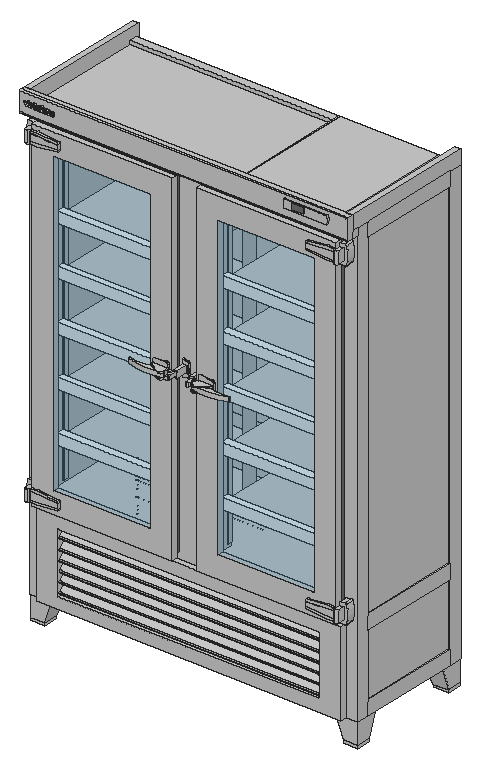
Revit family "QF_INFRICO_EVV49R2G_250807101433", category Specialty Equipment, Revit 2021
Family settings
  Round Connector Dimension = Use Diameter
  Part Type = Normal
  OmniClass Number = 23.40.40.14
  OmniClass Title = Food Service Equipment
  Work Plane-Based = No
  Always vertical = Yes
  Cut with Voids When Loaded = No
  Shared = No
  Room Calculation Point = No
Parameters (values of type "EVV49R2G")
  Weight [instance] = 220.001 kg
  Waste Water Discharge Temperature [instance] = 0 °C
  Waste Remarks [instance] = ""
  Warranty Start Date [instance] = ""
  Warranty Duration [instance] = ""
  Volts [instance] = 230 V
  Volt Free Conn [instance] = no
  URL Recommended Spares List [instance] = ""
  URL Manufacturer [instance] = ""
  URL Cutsheet [instance] = ""
  URL Critical Spares List [instance] = ""
  URL = "www.infrico.com"
  Technical Documentation [instance] = ""
  Tag Number [instance] = ""
  Status [instance] = ""
  Start Up Current [instance] = 0 A
  Specification by User [instance] = ""
  Specification by Manufacturer [instance] = ""
  Sound Level [instance] = ""
  Show Logo [instance] = yes
  Show Clearances [instance] = yes
  Service Life Duration [instance] = ""
  Serial Number [instance] = ""
  Seismic Rating [instance] = ""
  SMACNA No [instance] = ""
  Revision Code [instance] = ""
  Revision [instance] = ""
  Production Year [instance] = ""
  Potential Equalisation [instance] = no
  Point Load [instance] = 0
  Plumbing Connection Type [instance] = ""
  Phase [instance] = 1
  Other Equipment Approvals [instance] = ""
  Operational Current [instance] = 0 A
  Number of Poles [instance] = 2
  No Load Power Draw [instance] = no
  NAFEM Spec ID Number [instance] = ""
  Model Warning [instance] = ""
  Model = "EVV49R2G"
  Min Ckt Ampacity [instance] = 0 A
  Max Overcurrent Protection [instance] = 0 A
  Masterspec [instance] = ""
  Manufacturer = "INFRICO"
  Main switch integrated [instance] = no
  Length Actual [instance] = 1385.062 mm
  Item Number [instance] = ""
  Installed By [instance] = ""
  Installation Date [instance] = ""
  Indirect Waste Size [instance] = 19.05 mm
  Indirect Waste Remarks [instance] = ""
  Indirect Waste Flow [instance] = 0.0 L/s
  Indirect Waste Connection Type [instance] = ""
  Indirect Waste Connection Height [instance] = 0 mm
  Identify Quantity as Lot [instance] = no
  ID [instance] = ""
  Hygiene Approval [instance] = ""
  Height Actual [instance] = 2032 mm
  HP power [instance] = ""
  Furnished By [instance] = ""
  Foodservice Equipment Identifier [instance] = no
  FL Amps [instance] = 0 A
  Electrical Remarks [instance] = ""
  Electric power [instance] = 480 W
  Electric Connection Type [instance] = ""
  Elec Conn RI Height [instance] = 0 mm
  Elec Conn Connection Height [instance] = 0 mm
  ETL Approved [instance] = no
  Direct Waste Water Discharge Temperature [instance] = -273.15 °C
  Direct Waste Size [instance] = 19.05 mm
  Direct Waste RI Height [instance] = 0 mm
  Direct Waste Flow [instance] = 0.0 L/s
  Direct Waste Connection Height [instance] = 0 mm
  Description = "WINE CELLARS - VINTAGE SERIES - TWO DOORS - R290"
  Depth Actual [instance] = 601.98 mm
  Default Elevation = 0 mm
  Cycle [instance] = 50 Hz
  Cost = 0
  Connection to energy optimisation system [instance] = yes
  Conn Plug [instance] = ""
  Conn Conduit [instance] = no
  Centralized building control system with digital interface [instance] = ""
  CSI MasterFormat [instance] = ""
  CE Approved [instance] = no
  Barcode [instance] = 0
  Author [instance] = ""
  Asset Identifier [instance] = ""
  Apparent Power [instance] = 480 VA
  Accessory [instance] = no
Reference planes
  plane 1 "Center (Front/Back)": y = 0
  plane 2: z = 0
  plane 3 "Center (Left/Right)": x = 0
Forms (mm)
  Extrusion 1, solid, not visible
    sketch origin (692.534, -102.005, 425.021) x (1, 0, 0) y (0, 1, 0)
      loop
        line (-2, 2) -> (-2, -2) -> (2, -2) -> (2, 2) -> (-2, 2)
    from -2 to 2
  Extrusion 2, solid, not visible
    sketch origin (1266.062, -573.028, 1992.097) x (1, 0, 0) y (0, 1, 0)
      loop
        line (-2, 2) -> (-2, -2) -> (2, -2) -> (2, 2) -> (-2, 2)
    from -2 to 2
Dimensions and locks
  locked: Extrusion 1 to nested 2
  locked: nested 2 to Extrusion 1 at 2
  locked: Extrusion 2 to nested 3
  locked: nested 3 to Extrusion 2 at 2
  aligned and locked: level to plane 2
Nested families
  nested 1: "QF_INFRICO_EVV49R2G_2920" at (0, 0, 0), type "EVV49R2G"
    with Weight 220.001 kg, Warranty Start Date "", Warranty Duration "", URL Cutsheet "", Technical Documentation "", Tag Number "", Status "", Specification by User "", Specification by Manufacturer "", Sound Level "", Solid Fuel Type "", Show Logo yes, Show Clearances yes, Show Clearance yes, Service Life Duration "", Serial Number "", Seismic Rating "", SMACNA No "", Revision Code "", Revision "", Production Year "", Point Load 0, Other Equipment Approvals "", NAFEM Spec ID Number "", Model Warning "", Masterspec "", Length Actual 1385.062 mm, Item Number "", Installed By "", Installation Date "", Identify Quantity as Lot yes, ID "", Hygiene Approval "", Height Actual 2032 mm, Furnished By "", Foodservice Equipment Identifier yes, Finish none, ETL Approved yes, Depth Actual 601.98 mm, CSI MasterFormat "", CE Approved no, Barcode "", Author "", Asset Identifier "", Accessory no
  nested 2: "CONN_POINT_DRAIN_2D___Generic_Annotation" at (692.534, -100.005, 425.021), type "CONN_POINT_DRAIN_2D___Generic_Annotation"
    with Onboard connection annotation symbol visibility yes
  nested 3: "CONN_POINT_ELE_2D___Generic_Annotation" at (1266.062, -571.028, 1992.097), type "CONN_POINT_ELE_2D___Generic_Annotation"
    with Onboard connection annotation symbol visibility yes
Connectors
  piping at (692.534, -100.005, 425.021), diameter 19.05, driven by "Indirect Waste Size", driven by "Direct Waste Flow"
    settings: on Extrusion 1, index 1, connector inside diameter 609.6 mm, connector length 0 mm, flow factor 0, pipe flow 0.0 L/s, pressure drop 0.0 Pa, fitting loss kfactor 0, connector angle 0.00°, fixture units 0, engagement length 0 mm, angle of deflection 0.00°, flow configuration 1, flow direction 2, fitting loss method 0, system type 16, joint type 0, gender type 0, connector reference index -1, connector utility 0, adjustable connector no, is connector primary yes, connector description "Waste connection for EVV49R2G"
  electrical at (1266.062, -571.028, 1992.097), driven by "Apparent Power", driven by "Number of Poles", driven by "Volts"
    settings: on Extrusion 2, index 2, voltage 230 V, apparent load 0 VA, apparent load phase1 480 VA, apparent load phase2 0 VA, apparent load phase3 0 VA, power factor 1, load classification "Other", number of poles 2, system type 31, power factor state 1, is connector primary yes, connector utility no, sub classification motor no, connector description "Electrical connection for EVV49R2G"
Definition of nested family "QF_INFRICO_EVV49R2G_2920"
  Parameters (values of type "EVV49R2G")
    Weight [instance] = 0.00 kg
    Warranty Start Date [instance] = ""
    Warranty Duration [instance] = ""
    URL Cutsheet [instance] = ""
    URL = "www.infrico.com"
    Technical Documentation [instance] = ""
    Tag Number [instance] = ""
    Status [instance] = ""
    Specification by User [instance] = ""
    Specification by Manufacturer [instance] = ""
    Sound Level [instance] = ""
    Solid Fuel Type [instance] = ""
    Show Logo [instance] = yes
    Show Clearances [instance] = yes
    Show Clearance [instance] = yes
    Service Life Duration [instance] = ""
    Serial Number [instance] = ""
    Seismic Rating [instance] = ""
    SMACNA No [instance] = ""
    Revision Code [instance] = ""
    Revision [instance] = ""
    Production Year [instance] = ""
    Point Load [instance] = 0
    Other Equipment Approvals [instance] = ""
    NAFEM Spec ID Number [instance] = ""
    Model Warning [instance] = ""
    Model = "EVV49R2G"
    Masterspec [instance] = ""
    Manufacturer = "INFRICO"
    Length Actual [instance] = 0 mm
    Item Number [instance] = ""
    Installed By [instance] = ""
    Installation Date [instance] = ""
    Identify Quantity as Lot [instance] = yes
    ID [instance] = ""
    Hygiene Approval [instance] = ""
    Height Actual [instance] = 0 mm
    Furnished By [instance] = ""
    Foodservice Equipment Identifier [instance] = yes
    Finish [instance] = none
    ETL Approved [instance] = yes
    Description = "WINE CELLARS - VINTAGE SERIES - TWO DOORS - R290"
    Depth Actual [instance] = 0 mm
    Default Elevation = 0 mm
    CSI MasterFormat [instance] = ""
    CE Approved [instance] = yes
    Barcode [instance] = ""
    Author [instance] = ""
    Asset Identifier [instance] = ""
    Assembly Code = "E1090320"
    Accessory [instance] = yes
  Reference planes
    plane 1 "Back": y = 0
    plane 2: z = 0
    plane 3 "Left": x = 0
    plane 4 "Right": x = 1385
    plane 5 "Front": y = -596
    plane 6 "Top": z = 2032
  Forms (mm)
    Extrusion 1, solid, material <- "Finish"
      sketch origin (1385, 119, 0) x (0, -1, 0) y (0, 0, 1)
        loop
          line (690, 2032) -> (690, 1942) -> (710, 1942)
          arc (710, 1942) -> (713.536, 1943.464) -> (715, 1947) r 5
          line (715, 1947) -> (715, 2027)
          arc (715, 2027) -> (713.536, 2030.536) -> (710, 2032) r 5
          line (710, 2032) -> (690, 2032)
      from 0 to 1385
    Extrusion 2, solid, material <- "Finish"
      sketch origin (0, 0, 0) x (0, 1, 0) y (0, 0, 1)
        loop
          line (-571, 2032) -> (-571, 1972) -> (0, 1972) -> (0, 2032) -> (-571, 2032)
      from 0 to 25
    Extrusion 3, solid, material <- "Finish"
      sketch origin (1360, 0, 0) x (0, 1, 0) y (0, 0, 1)
        loop
          line (-571, 2032) -> (-571, 1972) -> (0, 1972) -> (0, 2032) -> (-571, 2032)
      from 0 to 25
    Extrusion 4, solid, material <- "Finish"
      sketch origin (0, -20, 30) x (0, 1, 0) y (0, 0, 1)
        loop
          line (0, 1942) -> (0, 1959) -> (-30, 1959) -> (-30, 1942) -> (0, 1942)
      from 25 to 1360
    Extrusion 5, solid, material <- "Finish"
      sketch origin (0, 0, 30) x (0, 1, 0) y (0, 0, 1)
        loop
          line (0, 1942) -> (-55, 1942) -> (-55, 70) -> (0, 70) -> (0, 1942)
      from 0 to 60
    Extrusion 6, solid, material <- "Finish"
      sketch origin (1325, 0, 30) x (0, 1, 0) y (0, 0, 1)
        loop
          line (0, 1942) -> (-55, 1942) -> (-55, 70) -> (0, 70) -> (0, 1942)
      from 0 to 60
    Extrusion 7, solid, material <- "Finish"
      sketch origin (0, -489, 30) x (0, 1, 0) y (0, 0, 1)
        loop
          line (0, 1942) -> (-55, 1942) -> (-55, 70) -> (0, 70) -> (0, 1942)
      from 0 to 60
    Extrusion 8, solid, material <- "Finish"
      sketch origin (1325, -489, 30) x (0, 1, 0) y (0, 0, 1)
        loop
          line (0, 1942) -> (-55, 1942) -> (-55, 70) -> (0, 70) -> (0, 1942)
      from 0 to 60
    Extrusion 9, solid, material <- "Finish"
      sketch origin (0, 0, 0) x (0, 1, 0) y (0, 0, 1)
        loop
          line (-544, 1972) -> (-571, 1972) -> (-571, 1942) -> (-544, 1942) -> (-544, 1972)
      from 0 to 1385
    Extrusion 10, solid, material <- "Finish"
      sketch origin (0, 0, 0) x (0, 1, 0) y (0, 0, 1)
        loop
          line (-55, 1972) -> (-489, 1972) -> (-489, 1912) -> (-55, 1912) -> (-55, 1972)
      from 0 to 8
    Extrusion 11, solid, material <- "Finish"
      sketch origin (1377, 0, 0) x (0, 1, 0) y (0, 0, 1)
        loop
          line (-55, 1972) -> (-489, 1972) -> (-489, 1912) -> (-55, 1912) -> (-55, 1972)
      from 0 to 8
    Extrusion 12, solid, material <- "Finish"
      sketch origin (8, 0, 0) x (0, 1, 0) y (0, 0, 1)
        loop
          line (-55, 1912) -> (-489, 1912) -> (-489, 485) -> (-55, 485) -> (-55, 1912)
      from 0 to 2
    Extrusion 13, solid, material <- "Finish"
      sketch origin (0, 0, -1487) x (0, 1, 0) y (0, 0, 1)
        loop
          line (-55, 1972) -> (-489, 1972) -> (-489, 1912) -> (-55, 1912) -> (-55, 1972)
      from 0 to 8
    Extrusion 14, solid, material <- "Finish"
      sketch origin (8, 0, -1487) x (0, 1, 0) y (0, 0, 1)
        loop
          line (-55, 1912) -> (-489, 1912) -> (-489, 1647) -> (-55, 1647) -> (-55, 1912)
      from 0 to 2
    Extrusion 15, solid, material <- "Finish"
      sketch origin (0, 0, -1812) x (0, 1, 0) y (0, 0, 1)
        loop
          line (-55, 1972) -> (-489, 1972) -> (-489, 1912) -> (-55, 1912) -> (-55, 1972)
      from 0 to 8
    Extrusion 16, solid, material <- "Finish"
      sketch origin (1377, 0, 0) x (0, 1, 0) y (0, 0, -1)
        loop
          line (-55, -1912) -> (-55, -485) -> (-489, -485) -> (-489, -1912) -> (-55, -1912)
      from 0 to 2
    Extrusion 17, solid, material <- "Finish"
      sketch origin (1385, 0, -1487) x (0, 1, 0) y (0, 0, -1)
        loop
          line (-55, -1972) -> (-55, -1912) -> (-489, -1912) -> (-489, -1972) -> (-55, -1972)
      from 0 to 8
    Extrusion 18, solid, material <- "Finish"
      sketch origin (1377, 0, -1487) x (0, 1, 0) y (0, 0, -1)
        loop
          line (-55, -1912) -> (-55, -1647) -> (-489, -1647) -> (-489, -1912) -> (-55, -1912)
      from 0 to 2
    Extrusion 19, solid, material <- "Finish"
      sketch origin (1385, 0, -1812) x (0, 1, 0) y (0, 0, -1)
        loop
          line (-55, -1972) -> (-55, -1912) -> (-489, -1912) -> (-489, -1972) -> (-55, -1972)
      from 0 to 8
    Extrusion 20, solid, material <- "Finish"
      sketch origin (0, 0, 0) x (1, 0, 0) y (0, 0, 1)
        loop
          line (60, 1962) -> (60, 425) -> (1325, 425) -> (1325, 1962) -> (60, 1962)
      from 0 to 10
    Extrusion 21, solid, material <- "Finish"
      sketch origin (2, -535, 0) x (1, 0, 0) y (0, 0, 1)
        loop
          line (0, 100) -> (0, 10) -> (60, 10) -> (90, 100) -> (0, 100)
      from 0 to 7
    Extrusion 22, solid, material <- "Finish"
      sketch origin (2, -480, 0) x (0, 1, 0) y (0, 0, 1)
        loop
          line (-55, 100) -> (-55, 10) -> (-2, 10) -> (28, 100) -> (-55, 100)
      from 0 to 7
    Sweep 23, solid, material <- "Finish"
      path origin (102, -480, 100) x (1, 0, 0) y (0, 1, 0)
        loop
          line (-93, 28) -> (-10, 28) -> (-10, -55)
      profile origin (50.5, -452, 100) x (0, 1, 0) y (0, 0, 1)
        loop
          line (-30, -90) -> (0, 0) -> (-7, 0) -> (-37, -90) -> (-30, -90)
    Extrusion 24, solid, material <- "Finish"
      sketch origin (102, -480, 93) x (1, 0, 0) y (0, 1, 0)
        loop
          line (-93, 21) -> (-93, -55) -> (-17, -55) -> (-17, 21) -> (-93, 21)
      from 0 to 7
    Extrusion 25, solid, material <- "Finish"
      sketch origin (102, -480, 0) x (1, 0, 0) y (0, 1, 0)
        loop
          line (-100, -2) -> (-100, -62) -> (-40, -62) -> (-40, -2) -> (-100, -2)
      from 0 to 10
    Extrusion 26, solid, material <- "Finish"
      sketch origin (2, -9, 0) x (1, 0, 0) y (0, 0, -1)
        loop
          line (0, -100) -> (90, -100) -> (60, -10) -> (0, -10) -> (0, -100)
      from 0 to 7
    Extrusion 27, solid, material <- "Finish"
      sketch origin (2, -64, 0) x (0, -1, 0) y (0, 0, -1)
        loop
          line (-55, -100) -> (28, -100) -> (-2, -10) -> (-55, -10) -> (-55, -100)
      from 0 to 7
    Sweep 28, solid, material <- "Finish"
      path origin (102, -64, 100) x (1, 0, 0) y (0, 1, 0)
        loop
          line (-93, -28) -> (-10, -28) -> (-10, 55)
      profile origin (50.5, -92, 100) x (0, 1, 0) y (0, 0, 1)
        loop
          line (30, -90) -> (37, -90) -> (7, 0) -> (0, 0) -> (30, -90)
    Extrusion 29, solid, material <- "Finish"
      sketch origin (102, -64, 93) x (1, 0, 0) y (0, 1, 0)
        loop
          line (-93, -21) -> (-17, -21) -> (-17, 55) -> (-93, 55) -> (-93, -21)
      from 0 to 7
    Extrusion 30, solid, material <- "Finish"
      sketch origin (102, -64, 0) x (1, 0, 0) y (0, 1, 0)
        loop
          line (-100, 2) -> (-40, 2) -> (-40, 62) -> (-100, 62) -> (-100, 2)
      from 0 to 10
    Extrusion 31, solid, material <- "Finish"
      sketch origin (1383, -535, 0) x (-1, 0, 0) y (0, 0, -1)
        loop
          line (0, -100) -> (90, -100) -> (60, -10) -> (0, -10) -> (0, -100)
      from 0 to 7
    Extrusion 32, solid, material <- "Finish"
      sketch origin (1383, -480, 0) x (0, 1, 0) y (0, 0, -1)
        loop
          line (-55, -100) -> (28, -100) -> (-2, -10) -> (-55, -10) -> (-55, -100)
      from 0 to 7
    Sweep 33, solid, material <- "Finish"
      path origin (1283, -480, 100) x (-1, 0, 0) y (0, -1, 0)
        loop
          line (-93, -28) -> (-10, -28) -> (-10, 55)
      profile origin (1334.5, -452, 100) x (0, -1, 0) y (0, 0, 1)
        loop
          line (30, -90) -> (37, -90) -> (7, 0) -> (0, 0) -> (30, -90)
    Extrusion 34, solid, material <- "Finish"
      sketch origin (1283, -480, 93) x (-1, 0, 0) y (0, -1, 0)
        loop
          line (-93, -21) -> (-17, -21) -> (-17, 55) -> (-93, 55) -> (-93, -21)
      from 0 to 7
    Extrusion 35, solid, material <- "Finish"
      sketch origin (1283, -480, 0) x (-1, 0, 0) y (0, -1, 0)
        loop
          line (-100, 2) -> (-40, 2) -> (-40, 62) -> (-100, 62) -> (-100, 2)
      from 0 to 10
    Extrusion 36, solid, material <- "Finish"
      sketch origin (1383, -9, 0) x (-1, 0, 0) y (0, 0, 1)
        loop
          line (0, 100) -> (0, 10) -> (60, 10) -> (90, 100) -> (0, 100)
      from 0 to 7
    Extrusion 37, solid, material <- "Finish"
      sketch origin (1383, -64, 0) x (0, -1, 0) y (0, 0, 1)
        loop
          line (-55, 100) -> (-55, 10) -> (-2, 10) -> (28, 100) -> (-55, 100)
      from 0 to 7
    Sweep 38, solid, material <- "Finish"
      path origin (1283, -64, 100) x (-1, 0, 0) y (0, -1, 0)
        loop
          line (-93, 28) -> (-10, 28) -> (-10, -55)
      profile origin (1334.5, -92, 100) x (0, -1, 0) y (0, 0, 1)
        loop
          line (-30, -90) -> (0, 0) -> (-7, 0) -> (-37, -90) -> (-30, -90)
    Extrusion 39, solid, material <- "Finish"
      sketch origin (1283, -64, 93) x (-1, 0, 0) y (0, -1, 0)
        loop
          line (-93, 21) -> (-93, -55) -> (-17, -55) -> (-17, 21) -> (-93, 21)
      from 0 to 7
    Extrusion 40, solid, material <- "Finish"
      sketch origin (1283, -64, 0) x (-1, 0, 0) y (0, -1, 0)
        loop
          line (-100, -2) -> (-100, -62) -> (-40, -62) -> (-40, -2) -> (-100, -2)
      from 0 to 10
    Extrusion 41, solid, material <- "Finish"
      sketch origin (-11, -544, 0) x (1, 0, 0) y (0, 0, 1)
        loop
          line (60, 455) -> (60, 100) -> (1347, 100) -> (1347, 455) -> (60, 455)
        loop
          line (1257, 150) -> (1257, 405) -> (150, 405) -> (150, 150) -> (1257, 150)
      from 0 to 25
    Extrusion 42, solid, material <- "Finish"
      sketch origin (0, 0, 0) x (0, 1, 0) y (0, 0, 1)
        loop
          arc (-521.18, 186.82) -> (-519.716, 190.355) -> (-521.18, 193.891) r 5
          line (-521.18, 193.891) -> (-525.423, 198.134)
          arc (-525.423, 198.134) -> (-528.958, 199.598) -> (-532.494, 198.134) r 5
          line (-532.494, 198.134) -> (-564.314, 166.314)
          arc (-564.314, 166.314) -> (-565.778, 162.778) -> (-564.314, 159.243) r 5
          line (-564.314, 159.243) -> (-560.071, 155)
          arc (-560.071, 155) -> (-556.536, 153.536) -> (-553, 155) r 5
          line (-553, 155) -> (-521.18, 186.82)
        loop
          arc (-521.18, 227.82) -> (-519.716, 231.355) -> (-521.18, 234.891) r 5
          line (-521.18, 234.891) -> (-525.423, 239.134)
          arc (-525.423, 239.134) -> (-528.958, 240.598) -> (-532.494, 239.134) r 5
          line (-532.494, 239.134) -> (-564.314, 207.314)
          arc (-564.314, 207.314) -> (-565.778, 203.778) -> (-564.314, 200.243) r 5
          line (-564.314, 200.243) -> (-560.071, 196)
          arc (-560.071, 196) -> (-556.536, 194.536) -> (-553, 196) r 5
          line (-553, 196) -> (-521.18, 227.82)
        loop
          arc (-521.18, 268.82) -> (-519.716, 272.355) -> (-521.18, 275.891) r 5
          line (-521.18, 275.891) -> (-525.423, 280.134)
          arc (-525.423, 280.134) -> (-528.958, 281.598) -> (-532.494, 280.134) r 5
          line (-532.494, 280.134) -> (-564.314, 248.314)
          arc (-564.314, 248.314) -> (-565.778, 244.778) -> (-564.314, 241.243) r 5
          line (-564.314, 241.243) -> (-560.071, 237)
          arc (-560.071, 237) -> (-556.536, 235.536) -> (-553, 237) r 5
          line (-553, 237) -> (-521.18, 268.82)
        loop
          arc (-521.18, 309.82) -> (-519.716, 313.355) -> (-521.18, 316.891) r 5
          line (-521.18, 316.891) -> (-525.423, 321.134)
          arc (-525.423, 321.134) -> (-528.958, 322.598) -> (-532.494, 321.134) r 5
          line (-532.494, 321.134) -> (-564.314, 289.314)
          arc (-564.314, 289.314) -> (-565.778, 285.778) -> (-564.314, 282.243) r 5
          line (-564.314, 282.243) -> (-560.071, 278)
          arc (-560.071, 278) -> (-556.536, 276.536) -> (-553, 278) r 5
          line (-553, 278) -> (-521.18, 309.82)
        loop
          arc (-521.18, 350.82) -> (-519.716, 354.355) -> (-521.18, 357.891) r 5
          line (-521.18, 357.891) -> (-525.423, 362.134)
          arc (-525.423, 362.134) -> (-528.958, 363.598) -> (-532.494, 362.134) r 5
          line (-532.494, 362.134) -> (-564.314, 330.314)
          arc (-564.314, 330.314) -> (-565.778, 326.778) -> (-564.314, 323.243) r 5
          line (-564.314, 323.243) -> (-560.071, 319)
          arc (-560.071, 319) -> (-556.536, 317.536) -> (-553, 319) r 5
          line (-553, 319) -> (-521.18, 350.82)
        loop
          arc (-521.18, 396.82) -> (-519.716, 400.355) -> (-521.18, 403.891) r 5
          line (-521.18, 403.891) -> (-525.423, 408.134)
          arc (-525.423, 408.134) -> (-528.958, 409.598) -> (-532.494, 408.134) r 5
          line (-532.494, 408.134) -> (-564.314, 376.314)
          arc (-564.314, 376.314) -> (-565.778, 372.778) -> (-564.314, 369.243) r 5
          line (-564.314, 369.243) -> (-560.071, 365)
          arc (-560.071, 365) -> (-556.536, 363.536) -> (-553, 365) r 5
          line (-553, 365) -> (-521.18, 396.82)
      from 139 to 1246
    Extrusion 43, solid
      sketch origin (0, -518, 0) x (1, 0, 0) y (0, 0, 1)
        loop
          line (139, 409.598) -> (117, 409.598) -> (117, 150) -> (139, 150) -> (139, 409.598)
      from 0 to 26
    Extrusion 44, solid
      sketch origin (1129, -518, 0) x (1, 0, 0) y (0, 0, 1)
        loop
          line (139, 409.598) -> (117, 409.598) -> (117, 150) -> (139, 150) -> (139, 409.598)
      from 0 to 26
    Extrusion 45, solid, material <- "Finish"
      sketch origin (0, 0, 0) x (0, 1, 0) y (0, 0, 1)
        loop
          line (-10, 425) -> (-10, 435) -> (-544, 435) -> (-544, 425) -> (-10, 425)
      from 60 to 1325
    Extrusion 46, solid
      sketch origin (0, 0, 37) x (0, 1, 0) y (0, 0, 1)
        loop
          line (-45, 485) -> (-45, 738) -> (-81, 738) -> (-81, 1588.142) -> (-172.858, 1680) -> (-302, 1680) -> (-302, 1745.758) -> (-445, 1828.758) -> (-445, 1842) -> (-542, 1842) -> (-542, 1832) -> (-455, 1832) -> (-455, 1823) -> (-312, 1740) -> (-312, 1670) -> (-177, 1670) -> (-96, 1589) -> (-96, 1569) -> (-91, 1569) -> (-91, 728) -> (-55, 728) -> (-55, 495) -> (-471.5, 495) -> (-471.5, 485) -> (-45, 485)
      from 60 to 1325
    Extrusion 47, solid
      sketch origin (60, 1000, 0) x (0, 1, 0) y (0, 0, 1)
        loop
          line (-1544, 1869) -> (-1544, 532) -> (-1055, 532) -> (-1055, 765) -> (-1091, 765) -> (-1091, 1606) -> (-1096, 1606) -> (-1096, 1626) -> (-1177, 1707) -> (-1312, 1707) -> (-1312, 1777) -> (-1455, 1860) -> (-1455, 1869) -> (-1544, 1869)
      from 0 to 38
    Extrusion 48, solid
      sketch origin (1287, 1000, 0) x (0, 1, 0) y (0, 0, 1)
        loop
          line (-1544, 1869) -> (-1544, 532) -> (-1055, 532) -> (-1055, 765) -> (-1091, 765) -> (-1091, 1606) -> (-1096, 1606) -> (-1096, 1626) -> (-1177, 1707) -> (-1312, 1707) -> (-1312, 1777) -> (-1455, 1860) -> (-1455, 1869) -> (-1544, 1869)
      from 0 to 38
    Extrusion 49, solid, material <- "Finish"
      sketch origin (745, -570, -112) x (1, 0, 0) y (0, 0, 1)
        loop
          line (0, 2032) -> (0, 584) -> (590, 584) -> (590, 2032) -> (0, 2032)
        loop
          line (90, 674) -> (500, 674) -> (500, 1942) -> (90, 1942) -> (90, 674)
      from 0 to 25
    Extrusion 50, solid
      sketch origin (-305, 0, 0) x (1, 0, 0) y (0, 0, 1)
        loop
          line (1060, 482) -> (1630, 482) -> (1630, 1910) -> (1060, 1910) -> (1060, 482)
        loop
          line (1078, 1892) -> (1078, 500) -> (1612, 500) -> (1612, 1892) -> (1078, 1892)
      from 544 to 570
    Extrusion 51, solid
      sketch origin (-305, -593, 0) x (1, 0, 0) y (0, 0, 1)
        loop
          line (1140, 562) -> (1550, 562) -> (1550, 1830) -> (1140, 1830) -> (1140, 562)
      from 0 to 2
    Extrusion 52, solid, material <- "Finish"
      sketch origin (0, 0, 0) x (0, 1, 0) y (0, 0, 1)
        loop
          line (-544, 435) -> (-542, 435) -> (-542, 532) -> (-544, 532) -> (-544, 435)
      from 60 to 1325
    Extrusion 53, solid, material <- "Finish"
      sketch origin (0, 0, 1450) x (0, 1, 0) y (0, 0, 1)
        loop
          line (-544, 429) -> (-542, 429) -> (-542, 522) -> (-544, 522) -> (-544, 429)
      from 60 to 1325
    Extrusion 54, solid, material <- "Finish"
      sketch origin (0, 0, 1962) x (1, 0, 0) y (0, 1, 0)
        loop
          line (1360, -489) -> (1360, -55) -> (1325, -55) -> (1325, 0) -> (60, 0) -> (60, -55) -> (25, -55) -> (25, -489) -> (60, -489) -> (60, -542) -> (1325, -542) -> (1325, -489) -> (1360, -489)
      from 0 to 10
    Extrusion 55, solid
      sketch origin (646, -56, -17) x (1, 0, 0) y (0, 0, 1)
        loop
          line (690, 2032) -> (270, 2032) -> (270, 1989) -> (272, 1989) -> (272, 2030) -> (688, 2030) -> (688, 1989) -> (690, 1989) -> (690, 2032)
      from 0 to 510
    Extrusion 56, solid
      sketch origin (0, 0, 0) x (0, 1, 0) y (0, 0, 1)
        loop
          line (-55, 100) -> (-55, 128) -> (-489, 128) -> (-489, 100) -> (-55, 100)
      from 8 to 1377
    Extrusion 57, solid
      sketch origin (-859.627, -138.5, 545) x (1, 0, 0) y (0, 1, 0)
        loop
          line (957.627, 0) -> (958.627, 0) -> (958.627, 1) -> (962.627, 3) -> (962.627, 18) -> (958.627, 20) -> (958.627, 21) -> (957.627, 21) -> (957.627, 19.382) -> (961.627, 17.382) -> (961.627, 3.618) -> (957.627, 1.618) -> (957.627, 0)
      from 0 to 1070
    Extrusion 58, solid
      sketch origin (-859.627, -492.5, 545) x (1, 0, 0) y (0, 1, 0)
        loop
          line (957.627, 0) -> (958.627, 0) -> (958.627, 1) -> (962.627, 3) -> (962.627, 18) -> (958.627, 20) -> (958.627, 21) -> (957.627, 21) -> (957.627, 19.382) -> (961.627, 17.382) -> (961.627, 3.618) -> (957.627, 1.618) -> (957.627, 0)
      from 0 to 1218
    Extrusion 59, solid
      sketch origin (1549.627, -138.5, 545) x (-1, 0, 0) y (0, -1, 0)
        loop
          line (957.627, 0) -> (957.627, -1.618) -> (961.627, -3.618) -> (961.627, -17.382) -> (957.627, -19.382) -> (957.627, -21) -> (958.627, -21) -> (958.627, -20) -> (962.627, -18) -> (962.627, -3) -> (958.627, -1) -> (958.627, 0) -> (957.627, 0)
      from 0 to 1070
    Extrusion 60, solid
      sketch origin (1549.627, -492.5, 545) x (-1, 0, 0) y (0, -1, 0)
        loop
          line (957.627, 0) -> (957.627, -1.618) -> (961.627, -3.618) -> (961.627, -17.382) -> (957.627, -19.382) -> (957.627, -21) -> (958.627, -21) -> (958.627, -20) -> (962.627, -18) -> (962.627, -3) -> (958.627, -1) -> (958.627, 0) -> (957.627, 0)
      from 0 to 1218
    Extrusion 61, solid
      sketch origin (1813.697, -366.452, 1532) x (1, 0, 0) y (0, 1, 0)
        loop
          line (-1710.697, 269.452) -> (-1710.697, -145.548) -> (-1226.697, -145.548) -> (-1226.697, 269.452) -> (-1710.697, 269.452)
      from 0 to 25
    Extrusion 62, solid
      sketch origin (25, -12, 1695) x (0, 1, 0) y (0, 0, 1)
        loop
          line (-514, -118) -> (-514, -163) -> (-500, -163) -> (-500, -138) -> (-484, -138) -> (-484, -118) -> (-514, -118)
      from 73 to 567
    Extrusion 63, solid
      sketch origin (1813.697, -366.452, 1322) x (1, 0, 0) y (0, 1, 0)
        loop
          line (-1710.697, 269.452) -> (-1710.697, -145.548) -> (-1226.697, -145.548) -> (-1226.697, 269.452) -> (-1710.697, 269.452)
      from 0 to 25
    Extrusion 64, solid
      sketch origin (25, -12, 1485) x (0, 1, 0) y (0, 0, 1)
        loop
          line (-514, -118) -> (-514, -163) -> (-500, -163) -> (-500, -138) -> (-484, -138) -> (-484, -118) -> (-514, -118)
      from 73 to 567
    Extrusion 65, solid
      sketch origin (1813.697, -366.452, 1112) x (1, 0, 0) y (0, 1, 0)
        loop
          line (-1710.697, 269.452) -> (-1710.697, -145.548) -> (-1226.697, -145.548) -> (-1226.697, 269.452) -> (-1710.697, 269.452)
      from 0 to 25
    Extrusion 66, solid
      sketch origin (25, -12, 1275) x (0, 1, 0) y (0, 0, 1)
        loop
          line (-514, -118) -> (-514, -163) -> (-500, -163) -> (-500, -138) -> (-484, -138) -> (-484, -118) -> (-514, -118)
      from 73 to 567
    Extrusion 67, solid
      sketch origin (1813.697, -366.452, 902) x (1, 0, 0) y (0, 1, 0)
        loop
          line (-1710.697, 269.452) -> (-1710.697, -145.548) -> (-1226.697, -145.548) -> (-1226.697, 269.452) -> (-1710.697, 269.452)
      from 0 to 25
    Extrusion 68, solid
      sketch origin (25, -12, 1065) x (0, 1, 0) y (0, 0, 1)
        loop
          line (-514, -118) -> (-514, -163) -> (-500, -163) -> (-500, -138) -> (-484, -138) -> (-484, -118) -> (-514, -118)
      from 73 to 567
    Extrusion 69, solid
      sketch origin (1813.697, -366.452, 692) x (1, 0, 0) y (0, 1, 0)
        loop
          line (-1710.697, 269.452) -> (-1710.697, -145.548) -> (-1226.697, -145.548) -> (-1226.697, 269.452) -> (-1710.697, 269.452)
      from 0 to 25
    Extrusion 70, solid
      sketch origin (25, -12, 855) x (0, 1, 0) y (0, 0, 1)
        loop
          line (-514, -118) -> (-514, -163) -> (-500, -163) -> (-500, -138) -> (-484, -138) -> (-484, -118) -> (-514, -118)
      from 73 to 567
    Extrusion 71, solid
      sketch origin (346, -557, -1481) x (1, 0, 0) y (0, 0, 1)
        loop
          line (990, 2032) -> (990, 1964)
          arc (990, 1964) -> (991.123, 1960.798) -> (994, 1959) r 5.125
          line (994, 1959) -> (1014, 1956)
          arc (1014, 1956) -> (1017.772, 1956.842) -> (1020, 1960) r 5.365
          arc (1020, 1960) -> (1025, 1998) -> (1020, 2036) r 146.9
          arc (1020, 2036) -> (1017.772, 2039.158) -> (1014, 2040) r 5.365
          line (1014, 2040) -> (994, 2037)
          arc (994, 2037) -> (991.123, 2035.202) -> (990, 2032) r 5.125
      from -13 to 22
    Extrusion 72, solid
      sketch origin (346, 22, 492) x (1, 0, 0) y (0, 1, 0)
        loop
          line (990, -601) -> (990, -626)
          arc (990, -626) -> (999, -635) -> (1008, -626) r 9
          line (1008, -626) -> (1008, -601) -> (990, -601)
      from 0 to 50
    Extrusion 73, solid
      sketch origin (346, -595, -1481) x (1, 0, 0) y (0, 0, 1)
        loop
          line (990, 1978) -> (990, 2018)
          arc (990, 2018) -> (988.266, 2021.101) -> (985, 2022.5) r 5.514
          line (985, 2022.5) -> (959, 2024.5) -> (874, 2015.5)
          arc (874, 2015.5) -> (871.123, 2013.702) -> (870, 2010.5) r 5.125
          line (870, 2010.5) -> (870, 1985.5)
          arc (870, 1985.5) -> (871.123, 1982.298) -> (874, 1980.5) r 5.125
          line (874, 1980.5) -> (959, 1971.5) -> (985, 1973.5)
          arc (985, 1973.5) -> (988.266, 1974.899) -> (990, 1978) r 5.514
      from 0 to 10
    Extrusion 74, solid
      sketch origin (346, -605, -1481) x (1, 0, 0) y (0, 0, 1)
        loop
          arc (871, 1990.5) -> (871.617, 1989.8) -> (872.5, 1989.5) r 1.814
          line (872.5, 1989.5) -> (990, 1981.5) -> (990, 2014.5) -> (872.5, 2006.5)
          arc (872.5, 2006.5) -> (871.617, 2006.2) -> (871, 2005.5) r 1.814
          line (871, 2005.5) -> (871, 1990.5)
      from 0 to 2
    Extrusion 75, solid
      sketch origin (346, 22, -1481) x (1, 0, 0) y (0, 1, 0)
        loop
          line (990, -626) -> (990, -629)
          arc (990, -629) -> (993.46, -633.559) -> (999, -635) r 8.741
          arc (999, -635) -> (992.636, -632.364) -> (990, -626) r 9
      from 1973 to 2023
    Extrusion 76, solid
      sketch origin (346, -557, -123) x (1, 0, 0) y (0, 0, 1)
        loop
          line (990, 2032) -> (990, 1964)
          arc (990, 1964) -> (991.123, 1960.798) -> (994, 1959) r 5.125
          line (994, 1959) -> (1014, 1956)
          arc (1014, 1956) -> (1017.772, 1956.842) -> (1020, 1960) r 5.365
          arc (1020, 1960) -> (1025, 1998) -> (1020, 2036) r 146.9
          arc (1020, 2036) -> (1017.772, 2039.158) -> (1014, 2040) r 5.365
          line (1014, 2040) -> (994, 2037)
          arc (994, 2037) -> (991.123, 2035.202) -> (990, 2032) r 5.125
      from -13 to 22
    Extrusion 77, solid
      sketch origin (346, 22, 1850) x (1, 0, 0) y (0, 1, 0)
        loop
          line (990, -601) -> (990, -626)
          arc (990, -626) -> (999, -635) -> (1008, -626) r 9
          line (1008, -626) -> (1008, -601) -> (990, -601)
      from 0 to 50
    Extrusion 78, solid
      sketch origin (346, -595, -123) x (1, 0, 0) y (0, 0, 1)
        loop
          line (990, 1978) -> (990, 2018)
          arc (990, 2018) -> (988.266, 2021.101) -> (985, 2022.5) r 5.514
          line (985, 2022.5) -> (959, 2024.5) -> (874, 2015.5)
          arc (874, 2015.5) -> (871.123, 2013.702) -> (870, 2010.5) r 5.125
          line (870, 2010.5) -> (870, 1985.5)
          arc (870, 1985.5) -> (871.123, 1982.298) -> (874, 1980.5) r 5.125
          line (874, 1980.5) -> (959, 1971.5) -> (985, 1973.5)
          arc (985, 1973.5) -> (988.266, 1974.899) -> (990, 1978) r 5.514
      from 0 to 10
    Extrusion 79, solid
      sketch origin (346, -605, -123) x (1, 0, 0) y (0, 0, 1)
        loop
          arc (871, 1990.5) -> (871.617, 1989.8) -> (872.5, 1989.5) r 1.814
          line (872.5, 1989.5) -> (990, 1981.5) -> (990, 2014.5) -> (872.5, 2006.5)
          arc (872.5, 2006.5) -> (871.617, 2006.2) -> (871, 2005.5) r 1.814
          line (871, 2005.5) -> (871, 1990.5)
      from 0 to 2
    Extrusion 80, solid
      sketch origin (346, 22, -123) x (1, 0, 0) y (0, 1, 0)
        loop
          line (990, -626) -> (990, -629)
          arc (990, -629) -> (993.46, -633.559) -> (999, -635) r 8.741
          arc (999, -635) -> (992.636, -632.364) -> (990, -626) r 9
      from 1973 to 2023
    Extrusion 81, solid
      sketch origin (735, -544, -812) x (1, 0, 0) y (0, 0, 1)
        loop
          arc (0, 2032) -> (-0.293, 2032.707) -> (-1, 2033) r 1
          line (-1, 2033) -> (-21, 2029)
          arc (-21, 2029) -> (-24.559, 2026.882) -> (-26, 2023) r 6.221
          line (-26, 2023) -> (-26, 1974)
          arc (-26, 1974) -> (-24.559, 1970.118) -> (-21, 1968) r 6.221
          line (-21, 1968) -> (-1, 1964)
          arc (-1, 1964) -> (-0.293, 1964.293) -> (0, 1965) r 1
          line (0, 1965) -> (0, 2032)
      from 0 to 4
    Extrusion 82, solid
      sketch origin (735, -557, 1172) x (1, 0, 0) y (0, 1, 0)
        loop
          line (-26, 9) -> (-26, 7)
          arc (-26, 7) -> (-25.707, 6.293) -> (-25, 6) r 1
          line (-25, 6) -> (-16, 6)
          arc (-16, 6) -> (-15.293, 5.707) -> (-15, 5) r 1
          line (-15, 5) -> (-15, -40)
          arc (-15, -40) -> (-14.707, -40.707) -> (-14, -41) r 1
          line (-14, -41) -> (-1, -41)
          arc (-1, -41) -> (-0.293, -40.707) -> (0, -40) r 1
          line (0, -40) -> (0, 9) -> (-26, 9)
      from 0 to 29
    Extrusion 83, solid
      sketch origin (835, -557, 1178.5) x (1, 0, 0) y (0, 1, 0)
        loop
          line (-109, -41) -> (-109, -70) -> (-107, -70) -> (-107, -72) -> (-104, -72) -> (-99, -69) -> (-91, -52) -> (-99, -52) -> (-99, -10) -> (-100, -10) -> (-100, -40)
          arc (-100, -40) -> (-100.293, -40.707) -> (-101, -41) r 1
          line (-101, -41) -> (-109, -41)
      from 0 to 16
    Extrusion 84, solid
      sketch origin (835, -557, 1177) x (1, 0, 0) y (0, 1, 0)
        loop
          arc (-93, -42) -> (-98, -47) -> (-93, -52) r 5
          line (-93, -52) -> (-79, -52) -> (-78, -42) -> (-93, -42)
      from 0 to 19
    Extrusion 85, solid
      sketch origin (835, -595, -811) x (1, 0, 0) y (0, 0, 1)
        loop
          line (-78, 2023) -> (-78, 1972)
          arc (-78, 1972) -> (-75.004, 1965.273) -> (-68, 1963) r 9.05
          line (-68, 1963) -> (-21, 1967)
          arc (-21, 1967) -> (-15.289, 1969.979) -> (-13, 1976) r 9.062
          line (-13, 1976) -> (-13, 2019)
          arc (-13, 2019) -> (-15.289, 2025.021) -> (-21, 2028) r 9.063
          line (-21, 2028) -> (-68, 2032)
          arc (-68, 2032) -> (-75.004, 2029.727) -> (-78, 2023) r 9.05
      from 0 to 4
    Extrusion 86, solid
      sketch origin (835, -557, 1196) x (1, 0, 0) y (0, 1, 0)
        loop
          line (-78, -42) -> (-81.1, -73)
          arc (-81.1, -73) -> (-79.073, -79.254) -> (-73.1, -82) r 8.187
          line (-73.1, -82) -> (-71.1, -82)
          arc (-71.1, -82) -> (-69.049, -81.703) -> (-67.1, -81) r 10.282
          line (-67.1, -81) -> (-19.1, -58)
          arc (-19.1, -58) -> (-15.649, -54.574) -> (-14, -50) r 11.062
          line (-14, -50) -> (-13, -42) -> (-78, -42)
      from 0 to 4
    Extrusion 87, solid
      sketch origin (835, -557, 1173) x (1, 0, 0) y (0, 1, 0)
        loop
          line (-78, -42) -> (-81.1, -73)
          arc (-81.1, -73) -> (-79.073, -79.254) -> (-73.1, -82) r 8.187
          line (-73.1, -82) -> (-71.1, -82)
          arc (-71.1, -82) -> (-69.049, -81.703) -> (-67.1, -81) r 10.282
          line (-67.1, -81) -> (-19.1, -58)
          arc (-19.1, -58) -> (-15.649, -54.574) -> (-14, -50) r 11.062
          line (-14, -50) -> (-13, -42) -> (-78, -42)
      from 0 to 4
    Extrusion 88, solid
      sketch origin (835, -557, -811) x (1, 0, 0) y (0, 1, 0)
        loop
          arc (-19.1, -58) -> (-15.649, -54.574) -> (-14, -50) r 11.062
          line (-14, -50) -> (-13, -42) -> (-15.016, -42) -> (-15.985, -49.752)
          arc (-15.985, -49.752) -> (-17.306, -53.454) -> (-20.072, -56.248) r 9.062
          line (-20.072, -56.248) -> (-30.786, -61.382) -> (-29.922, -63.185) -> (-19.1, -58)
      from 1988 to 2007
    Extrusion 89, solid
      sketch origin (835, -557, -811) x (1, 0, 0) y (0, 1, 0)
        loop
          line (-78, -42) -> (-80.09, -62.896) -> (-78.1, -63.095) -> (-75.99, -42) -> (-78, -42)
      from 1988 to 2007
    Extrusion 90, solid
      sketch origin (835, -557, 1177) x (1, 0, 0) y (0, 1, 0)
        loop
          arc (-82.1, -72) -> (-6.516, -81.02) -> (67.9, -65) r 231.156
          arc (67.9, -65) -> (68.636, -64.118) -> (68.9, -63) r 2.5
          line (68.9, -63) -> (68.9, -59)
          arc (68.9, -59) -> (24.815, -65.999) -> (-19.1, -58) r 132.841
          line (-19.1, -58) -> (-29.922, -63.185) -> (-30.49, -62) -> (-75.1, -62) -> (-76.1, -68) -> (-82.1, -70) -> (-82.1, -72)
      from 0 to 19
    Extrusion 91, solid, visible <- "Show Clearance", detail levels coarse
      sketch origin (695, 0, 0) x (1, 0, 0) y (0, 1, 0)
        loop
          arc (50, -595) -> (215.485, -994.515) -> (615, -1160) r 565
          line (615, -1160) -> (640, -1160) -> (640, -595) -> (50, -595)
      from 472 to 1920
    Extrusion 92, solid, visible <- "Show Logo"
      sketch origin (-1143.231, -596, 1283.214) x (1, 0, 0) y (0, 0, 1)
        loop
          line (1208.799, 696.53) -> (1208.799, 719.204) -> (1204.173, 719.204) -> (1204.173, 696.53) -> (1208.799, 696.53)
        loop
          line (1214.779, 713.006) -> (1211.283, 713.006) -> (1211.283, 696.53) -> (1215.772, 696.53) -> (1215.772, 707.832)
          arc (1215.772, 707.832) -> (1217.528, 708.741) -> (1219.417, 709.324) r 11.052
          arc (1219.417, 709.324) -> (1220.929, 708.961) -> (1221.598, 707.557) r 1.806
          line (1221.598, 707.557) -> (1221.598, 696.53) -> (1226.121, 696.53) -> (1226.121, 708.689)
          arc (1226.121, 708.689) -> (1224.637, 712.075) -> (1221.141, 713.281) r 4.607
          arc (1221.141, 713.281) -> (1218.282, 712.674) -> (1215.669, 711.361) r 11.435
          line (1215.669, 711.361) -> (1215.601, 712.184)
          arc (1215.601, 712.184) -> (1215.36, 712.765) -> (1214.779, 713.006) r 0.822
        loop
          line (1238.557, 720.102) -> (1237.306, 720.102)
          arc (1237.306, 720.102) -> (1235.052, 719.926) -> (1232.881, 719.297) r 11.103
          arc (1232.881, 719.297) -> (1230.805, 717.616) -> (1230.024, 715.062) r 4.567
          line (1230.024, 715.062) -> (1230.024, 712.909) -> (1227.351, 712.703) -> (1227.351, 709.374) -> (1230.024, 709.374) -> (1230.024, 696.53) -> (1234.547, 696.53) -> (1234.547, 709.374) -> (1238.249, 709.374) -> (1238.249, 712.938) -> (1234.547, 712.938) -> (1234.547, 714.548)
          arc (1234.547, 714.548) -> (1234.956, 715.705) -> (1236.045, 716.271) r 1.67
          line (1236.045, 716.271) -> (1237.7, 716.399)
          arc (1237.7, 716.399) -> (1238.306, 716.65) -> (1238.557, 717.255) r 0.857
          line (1238.557, 717.255) -> (1238.557, 720.102)
        loop
          line (1239.479, 713.006) -> (1239.479, 696.53) -> (1243.968, 696.53) -> (1243.968, 707.352)
          arc (1243.968, 707.352) -> (1245.873, 708.631) -> (1248.077, 709.268) r 7.435
          line (1248.077, 709.268) -> (1249.241, 709.416)
          arc (1249.241, 709.416) -> (1249.643, 709.758) -> (1249.793, 710.265) r 0.928
          line (1249.793, 710.265) -> (1249.793, 712.458)
          arc (1249.793, 712.458) -> (1249.531, 713.061) -> (1248.912, 713.28) r 0.824
          arc (1248.912, 713.28) -> (1246.197, 712.588) -> (1243.899, 710.984) r 7.833
          line (1243.899, 710.984) -> (1243.726, 713.006) -> (1239.479, 713.006)
        loop
          line (1255.495, 696.53) -> (1255.495, 713.006) -> (1251.006, 713.006) -> (1251.006, 696.53) -> (1255.495, 696.53)
        loop
          arc (1257.421, 701.327) -> (1258.567, 698.188) -> (1261.466, 696.525) r 4.873
          arc (1261.466, 696.525) -> (1264.493, 696.266) -> (1267.521, 696.525) r 17.816
          arc (1267.521, 696.525) -> (1270.575, 699.134) -> (1271.505, 703.041) r 6.481
          line (1271.505, 703.041) -> (1267.187, 703.041) -> (1267.187, 701.67)
          arc (1267.187, 701.67) -> (1266.64, 700.452) -> (1265.442, 699.865) r 1.965
          arc (1265.442, 699.865) -> (1264.547, 699.816) -> (1263.653, 699.865) r 8.196
          arc (1263.653, 699.865) -> (1262.417, 700.415) -> (1261.91, 701.67) r 1.806
          line (1261.91, 701.67) -> (1261.91, 707.9)
          arc (1261.91, 707.9) -> (1262.417, 709.155) -> (1263.653, 709.705) r 1.806
          arc (1263.653, 709.705) -> (1264.547, 709.754) -> (1265.442, 709.705) r 8.196
          arc (1265.442, 709.705) -> (1266.64, 709.118) -> (1267.187, 707.9) r 1.965
          line (1267.187, 707.9) -> (1267.187, 706.838) -> (1271.505, 706.838)
          arc (1271.505, 706.838) -> (1270.524, 710.556) -> (1267.521, 712.959) r 6.132
          arc (1267.521, 712.959) -> (1264.493, 713.294) -> (1261.466, 712.959) r 13.851
          arc (1261.466, 712.959) -> (1258.571, 711.349) -> (1257.421, 708.243) r 4.772
          line (1257.421, 708.243) -> (1257.421, 701.327)
        loop
          arc (1272.916, 701.329) -> (1273.993, 698.345) -> (1276.726, 696.734) r 4.676
          arc (1276.726, 696.734) -> (1278.515, 696.455) -> (1280.318, 696.291) r 28.371
          arc (1280.318, 696.291) -> (1282.122, 696.455) -> (1283.911, 696.734) r 28.371
          arc (1283.911, 696.734) -> (1286.644, 698.345) -> (1287.72, 701.329) r 4.676
          line (1287.72, 701.329) -> (1287.72, 708.242)
          arc (1287.72, 708.242) -> (1286.644, 711.226) -> (1283.911, 712.837) r 4.676
          arc (1283.911, 712.837) -> (1282.122, 713.116) -> (1280.318, 713.28) r 28.371
          arc (1280.318, 713.28) -> (1278.515, 713.116) -> (1276.726, 712.837) r 28.371
          arc (1276.726, 712.837) -> (1273.993, 711.226) -> (1272.916, 708.242) r 4.676
          line (1272.916, 708.242) -> (1272.916, 701.329)
        loop
          line (1277.405, 707.866) -> (1277.405, 701.705)
          arc (1277.405, 701.705) -> (1277.844, 700.556) -> (1278.936, 699.991) r 1.725
          arc (1278.936, 699.991) -> (1279.627, 699.918) -> (1280.318, 699.856) r 46.133
          arc (1280.318, 699.856) -> (1281.01, 699.918) -> (1281.701, 699.991) r 46.133
          arc (1281.701, 699.991) -> (1282.793, 700.556) -> (1283.231, 701.705) r 1.725
          line (1283.231, 701.705) -> (1283.231, 707.866)
          arc (1283.231, 707.866) -> (1282.793, 709.015) -> (1281.701, 709.58) r 1.725
          arc (1281.701, 709.58) -> (1281.01, 709.653) -> (1280.318, 709.716) r 46.133
          arc (1280.318, 709.716) -> (1279.627, 709.653) -> (1278.936, 709.58) r 46.133
          arc (1278.936, 709.58) -> (1277.844, 709.015) -> (1277.405, 707.866) r 1.725
        loop
          arc (1190.339, 696.543) -> (1191.411, 696.987) -> (1191.856, 698.059) r 1.516
          line (1191.856, 698.059) -> (1191.856, 703.891) -> (1196.035, 703.891)
          arc (1196.035, 703.891) -> (1196.79, 704.121) -> (1197.218, 704.782) r 1.147
          line (1197.218, 704.782) -> (1197.218, 706.211)
          arc (1197.218, 706.211) -> (1196.787, 707.258) -> (1195.719, 707.634) r 1.385
          line (1195.719, 707.634) -> (1194.52, 707.634) -> (1197.218, 710.332)
          arc (1197.218, 710.332) -> (1197.605, 711.266) -> (1197.218, 712.2) r 1.321
          line (1197.218, 712.2) -> (1196.495, 712.923)
          arc (1196.495, 712.923) -> (1195.54, 713.338) -> (1194.558, 712.991) r 1.422
          line (1194.558, 712.991) -> (1191.853, 710.286) -> (1191.853, 711.479)
          arc (1191.853, 711.479) -> (1191.443, 712.516) -> (1190.435, 712.992) r 1.516
          line (1190.435, 712.992) -> (1189.514, 712.992)
          arc (1189.514, 712.992) -> (1188.511, 712.514) -> (1188.103, 711.479) r 1.516
          line (1188.103, 711.479) -> (1188.103, 706.83) -> (1182.073, 701.336) -> (1182.073, 707.509) -> (1185.639, 711.075)
          arc (1185.639, 711.075) -> (1186.053, 712.073) -> (1185.639, 713.071) r 1.412
          line (1185.639, 713.071) -> (1184.987, 713.723)
          arc (1184.987, 713.723) -> (1183.939, 714.141) -> (1182.915, 713.667) r 1.428
          line (1182.915, 713.667) -> (1182.073, 712.825) -> (1182.073, 717.784)
          arc (1182.073, 717.784) -> (1181.658, 718.787) -> (1180.655, 719.203) r 1.418
          line (1180.655, 719.203) -> (1179.726, 719.203)
          arc (1179.726, 719.203) -> (1178.723, 718.787) -> (1178.308, 717.784) r 1.418
          line (1178.308, 717.784) -> (1178.308, 712.825) -> (1177.466, 713.667)
          arc (1177.466, 713.667) -> (1176.442, 714.141) -> (1175.394, 713.723) r 1.428
          line (1175.394, 713.723) -> (1174.742, 713.071)
          arc (1174.742, 713.071) -> (1174.328, 712.073) -> (1174.742, 711.075) r 1.412
          line (1174.742, 711.075) -> (1178.308, 707.509) -> (1178.308, 701.336) -> (1172.278, 706.83) -> (1172.278, 711.479)
          arc (1172.278, 711.479) -> (1171.87, 712.514) -> (1170.867, 712.992) r 1.516
          line (1170.867, 712.992) -> (1169.946, 712.992)
          arc (1169.946, 712.992) -> (1168.938, 712.516) -> (1168.528, 711.479) r 1.516
          line (1168.528, 711.479) -> (1168.528, 710.286) -> (1165.823, 712.991)
          arc (1165.823, 712.991) -> (1164.841, 713.338) -> (1163.886, 712.923) r 1.422
          line (1163.886, 712.923) -> (1163.163, 712.2)
          arc (1163.163, 712.2) -> (1162.776, 711.266) -> (1163.163, 710.332) r 1.321
          line (1163.163, 710.332) -> (1165.861, 707.634) -> (1164.662, 707.634)
          arc (1164.662, 707.634) -> (1163.594, 707.258) -> (1163.163, 706.211) r 1.385
          line (1163.163, 706.211) -> (1163.163, 704.782)
          arc (1163.163, 704.782) -> (1163.591, 704.121) -> (1164.346, 703.891) r 1.147
          line (1164.346, 703.891) -> (1168.525, 703.891) -> (1168.525, 698.059)
          arc (1168.525, 698.059) -> (1168.969, 696.987) -> (1170.042, 696.543) r 1.516
          line (1170.042, 696.543) -> (1190.339, 696.543)
      from 0 to 2
    Extrusion 93, solid
      sketch origin (462.587, -596, 96) x (1, 0, 0) y (0, 0, 1)
        loop
          arc (840, 1918) -> (748.5, 1919) -> (657, 1918) r 4186.625
          arc (657, 1918) -> (655.5, 1901) -> (657, 1884) r 97.083
          arc (657, 1884) -> (748.5, 1883) -> (840, 1884) r 4186.625
          arc (840, 1884) -> (841.5, 1901) -> (840, 1918) r 97.083
      from 0 to 6
    Extrusion 94, solid
      sketch origin (692.087, -600.1, 107) x (1, 0, 0) y (0, 0, 1)
        loop
          arc (461.5, 1902) -> (460.793, 1901.707) -> (460.5, 1901) r 1
          line (460.5, 1901) -> (460.5, 1879)
          arc (460.5, 1879) -> (460.793, 1878.293) -> (461.5, 1878) r 1
          line (461.5, 1878) -> (511.5, 1878)
          arc (511.5, 1878) -> (512.207, 1878.293) -> (512.5, 1879) r 1
          line (512.5, 1879) -> (512.5, 1901)
          arc (512.5, 1901) -> (512.207, 1901.707) -> (511.5, 1902) r 1
          line (511.5, 1902) -> (461.5, 1902)
      from 0 to 2
    Extrusion 95, solid, material <- "Finish"
      sketch origin (640, -570, -112) x (-1, 0, 0) y (0, 0, -1)
        loop
          line (0, -2032) -> (590, -2032) -> (590, -584) -> (0, -584) -> (0, -2032)
        loop
          line (90, -674) -> (90, -1942) -> (500, -1942) -> (500, -674) -> (90, -674)
      from 0 to 25
    Extrusion 96, solid
      sketch origin (1690, 0, 0) x (-1, 0, 0) y (0, 0, -1)
        loop
          line (1060, -482) -> (1060, -1910) -> (1630, -1910) -> (1630, -482) -> (1060, -482)
        loop
          line (1078, -1892) -> (1612, -1892) -> (1612, -500) -> (1078, -500) -> (1078, -1892)
      from 544 to 570
    Extrusion 97, solid
      sketch origin (1690, -593, 0) x (-1, 0, 0) y (0, 0, -1)
        loop
          line (1140, -562) -> (1140, -1830) -> (1550, -1830) -> (1550, -562) -> (1140, -562)
      from 0 to 2
    Extrusion 98, solid
      sketch origin (1039, -557, -1481) x (-1, 0, 0) y (0, 0, -1)
        loop
          arc (990, -2032) -> (991.123, -2035.202) -> (994, -2037) r 5.125
          line (994, -2037) -> (1014, -2040)
          arc (1014, -2040) -> (1017.772, -2039.158) -> (1020, -2036) r 5.365
          arc (1020, -2036) -> (1025, -1998) -> (1020, -1960) r 146.9
          arc (1020, -1960) -> (1017.772, -1956.842) -> (1014, -1956) r 5.365
          line (1014, -1956) -> (994, -1959)
          arc (994, -1959) -> (991.123, -1960.798) -> (990, -1964) r 5.125
          line (990, -1964) -> (990, -2032)
      from -13 to 22
    Extrusion 99, solid
      sketch origin (1039, 22, 492) x (-1, 0, 0) y (0, -1, 0)
        loop
          line (990, 601) -> (1008, 601) -> (1008, 626)
          arc (1008, 626) -> (999, 635) -> (990, 626) r 9
          line (990, 626) -> (990, 601)
      from 0 to 50
    Extrusion 100, solid
      sketch origin (1039, -595, -1481) x (-1, 0, 0) y (0, 0, -1)
        loop
          arc (990, -1978) -> (988.266, -1974.899) -> (985, -1973.5) r 5.514
          line (985, -1973.5) -> (959, -1971.5) -> (874, -1980.5)
          arc (874, -1980.5) -> (871.123, -1982.298) -> (870, -1985.5) r 5.125
          line (870, -1985.5) -> (870, -2010.5)
          arc (870, -2010.5) -> (871.123, -2013.702) -> (874, -2015.5) r 5.125
          line (874, -2015.5) -> (959, -2024.5) -> (985, -2022.5)
          arc (985, -2022.5) -> (988.266, -2021.101) -> (990, -2018) r 5.514
          line (990, -2018) -> (990, -1978)
      from 0 to 10
    Extrusion 101, solid
      sketch origin (1039, -605, -1481) x (-1, 0, 0) y (0, 0, -1)
        loop
          line (871, -1990.5) -> (871, -2005.5)
          arc (871, -2005.5) -> (871.617, -2006.2) -> (872.5, -2006.5) r 1.814
          line (872.5, -2006.5) -> (990, -2014.5) -> (990, -1981.5) -> (872.5, -1989.5)
          arc (872.5, -1989.5) -> (871.617, -1989.8) -> (871, -1990.5) r 1.814
      from 0 to 2
    Extrusion 102, solid
      sketch origin (1039, 22, -1481) x (-1, 0, 0) y (0, -1, 0)
        loop
          arc (990, 626) -> (992.636, 632.364) -> (999, 635) r 9
          arc (999, 635) -> (993.46, 633.559) -> (990, 629) r 8.741
          line (990, 629) -> (990, 626)
      from 1973 to 2023
    Extrusion 103, solid
      sketch origin (1039, -557, -123) x (-1, 0, 0) y (0, 0, -1)
        loop
          arc (990, -2032) -> (991.123, -2035.202) -> (994, -2037) r 5.125
          line (994, -2037) -> (1014, -2040)
          arc (1014, -2040) -> (1017.772, -2039.158) -> (1020, -2036) r 5.365
          arc (1020, -2036) -> (1025, -1998) -> (1020, -1960) r 146.9
          arc (1020, -1960) -> (1017.772, -1956.842) -> (1014, -1956) r 5.365
          line (1014, -1956) -> (994, -1959)
          arc (994, -1959) -> (991.123, -1960.798) -> (990, -1964) r 5.125
          line (990, -1964) -> (990, -2032)
      from -13 to 22
    Extrusion 104, solid
      sketch origin (1039, 22, 1850) x (-1, 0, 0) y (0, -1, 0)
        loop
          line (990, 601) -> (1008, 601) -> (1008, 626)
          arc (1008, 626) -> (999, 635) -> (990, 626) r 9
          line (990, 626) -> (990, 601)
      from 0 to 50
    Extrusion 105, solid
      sketch origin (1039, -595, -123) x (-1, 0, 0) y (0, 0, -1)
        loop
          arc (990, -1978) -> (988.266, -1974.899) -> (985, -1973.5) r 5.514
          line (985, -1973.5) -> (959, -1971.5) -> (874, -1980.5)
          arc (874, -1980.5) -> (871.123, -1982.298) -> (870, -1985.5) r 5.125
          line (870, -1985.5) -> (870, -2010.5)
          arc (870, -2010.5) -> (871.123, -2013.702) -> (874, -2015.5) r 5.125
          line (874, -2015.5) -> (959, -2024.5) -> (985, -2022.5)
          arc (985, -2022.5) -> (988.266, -2021.101) -> (990, -2018) r 5.514
          line (990, -2018) -> (990, -1978)
      from 0 to 10
    Extrusion 106, solid
      sketch origin (1039, -605, -123) x (-1, 0, 0) y (0, 0, -1)
        loop
          line (871, -1990.5) -> (871, -2005.5)
          arc (871, -2005.5) -> (871.617, -2006.2) -> (872.5, -2006.5) r 1.814
          line (872.5, -2006.5) -> (990, -2014.5) -> (990, -1981.5) -> (872.5, -1989.5)
          arc (872.5, -1989.5) -> (871.617, -1989.8) -> (871, -1990.5) r 1.814
      from 0 to 2
    Extrusion 107, solid
      sketch origin (1039, 22, -123) x (-1, 0, 0) y (0, -1, 0)
        loop
          arc (990, 626) -> (992.636, 632.364) -> (999, 635) r 9
          arc (999, 635) -> (993.46, 633.559) -> (990, 629) r 8.741
          line (990, 629) -> (990, 626)
      from 1973 to 2023
    Extrusion 108, solid
      sketch origin (650, -544, -812) x (-1, 0, 0) y (0, 0, -1)
        loop
          line (0, -2032) -> (0, -1965)
          arc (0, -1965) -> (-0.293, -1964.293) -> (-1, -1964) r 1
          line (-1, -1964) -> (-21, -1968)
          arc (-21, -1968) -> (-24.559, -1970.118) -> (-26, -1974) r 6.221
          line (-26, -1974) -> (-26, -2023)
          arc (-26, -2023) -> (-24.559, -2026.882) -> (-21, -2029) r 6.221
          line (-21, -2029) -> (-1, -2033)
          arc (-1, -2033) -> (-0.293, -2032.707) -> (0, -2032) r 1
      from 0 to 4
    Extrusion 109, solid
      sketch origin (650, -557, 1172) x (-1, 0, 0) y (0, -1, 0)
        loop
          line (-26, -9) -> (0, -9) -> (0, 40)
          arc (0, 40) -> (-0.293, 40.707) -> (-1, 41) r 1
          line (-1, 41) -> (-14, 41)
          arc (-14, 41) -> (-14.707, 40.707) -> (-15, 40) r 1
          line (-15, 40) -> (-15, -5)
          arc (-15, -5) -> (-15.293, -5.707) -> (-16, -6) r 1
          line (-16, -6) -> (-25, -6)
          arc (-25, -6) -> (-25.707, -6.293) -> (-26, -7) r 1
          line (-26, -7) -> (-26, -9)
      from 0 to 29
    Extrusion 110, solid
      sketch origin (550, -557, 1178.5) x (-1, 0, 0) y (0, -1, 0)
        loop
          line (-109, 41) -> (-101, 41)
          arc (-101, 41) -> (-100.293, 40.707) -> (-100, 40) r 1
          line (-100, 40) -> (-100, 10) -> (-99, 10) -> (-99, 52) -> (-91, 52) -> (-99, 69) -> (-104, 72) -> (-107, 72) -> (-107, 70) -> (-109, 70) -> (-109, 41)
      from 0 to 16
    Extrusion 111, solid
      sketch origin (550, -557, 1177) x (-1, 0, 0) y (0, -1, 0)
        loop
          line (-93, 42) -> (-78, 42) -> (-79, 52) -> (-93, 52)
          arc (-93, 52) -> (-98, 47) -> (-93, 42) r 5
      from 0 to 19
    Extrusion 112, solid
      sketch origin (550, -595, -811) x (-1, 0, 0) y (0, 0, -1)
        loop
          arc (-78, -2023) -> (-75.004, -2029.727) -> (-68, -2032) r 9.05
          line (-68, -2032) -> (-21, -2028)
          arc (-21, -2028) -> (-15.289, -2025.021) -> (-13, -2019) r 9.063
          line (-13, -2019) -> (-13, -1976)
          arc (-13, -1976) -> (-15.289, -1969.979) -> (-21, -1967) r 9.062
          line (-21, -1967) -> (-68, -1963)
          arc (-68, -1963) -> (-75.004, -1965.273) -> (-78, -1972) r 9.05
          line (-78, -1972) -> (-78, -2023)
      from 0 to 4
    Extrusion 113, solid
      sketch origin (550, -557, 1196) x (-1, 0, 0) y (0, -1, 0)
        loop
          line (-78, 42) -> (-13, 42) -> (-14, 50)
          arc (-14, 50) -> (-15.649, 54.574) -> (-19.1, 58) r 11.062
          line (-19.1, 58) -> (-67.1, 81)
          arc (-67.1, 81) -> (-69.049, 81.703) -> (-71.1, 82) r 10.282
          line (-71.1, 82) -> (-73.1, 82)
          arc (-73.1, 82) -> (-79.073, 79.254) -> (-81.1, 73) r 8.187
          line (-81.1, 73) -> (-78, 42)
      from 0 to 4
    Extrusion 114, solid
      sketch origin (550, -557, 1173) x (-1, 0, 0) y (0, -1, 0)
        loop
          line (-78, 42) -> (-13, 42) -> (-14, 50)
          arc (-14, 50) -> (-15.649, 54.574) -> (-19.1, 58) r 11.062
          line (-19.1, 58) -> (-67.1, 81)
          arc (-67.1, 81) -> (-69.049, 81.703) -> (-71.1, 82) r 10.282
          line (-71.1, 82) -> (-73.1, 82)
          arc (-73.1, 82) -> (-79.073, 79.254) -> (-81.1, 73) r 8.187
          line (-81.1, 73) -> (-78, 42)
      from 0 to 4
    Extrusion 115, solid
      sketch origin (550, -557, -811) x (-1, 0, 0) y (0, -1, 0)
        loop
          line (-19.1, 58) -> (-29.922, 63.185) -> (-30.786, 61.382) -> (-20.072, 56.248)
          arc (-20.072, 56.248) -> (-17.306, 53.454) -> (-15.985, 49.752) r 9.062
          line (-15.985, 49.752) -> (-15.016, 42) -> (-13, 42) -> (-14, 50)
          arc (-14, 50) -> (-15.649, 54.574) -> (-19.1, 58) r 11.062
      from 1988 to 2007
